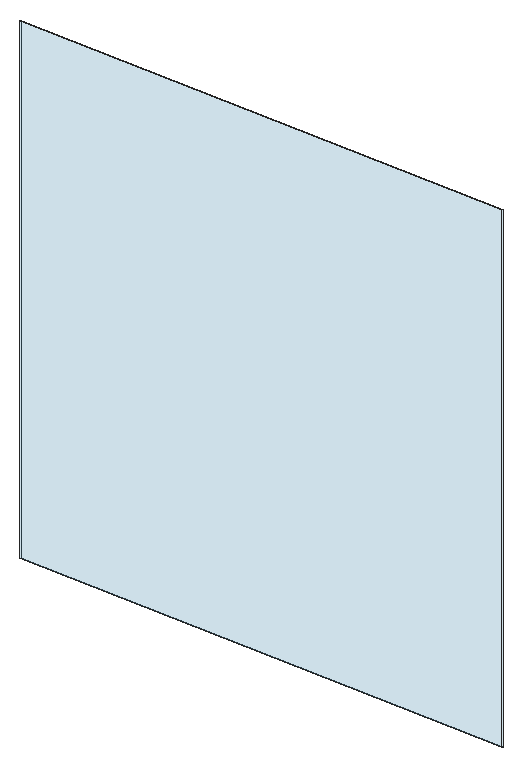
Revit family
Parameters (values of type "72" x 72"")
  Sealant = 0' - 0 3/8"
  Pocket Depth [instance] = 0' - 0 1/2"
  Head Height = Sill Height + Rough Height - Sealant  # 8' - 11 5/8"
  Depth [instance] = 0' - 10"
  Sill Height = 3' - 0"
  Rough Width = 6' - 0"
  Rough Height = 6' - 0"
  Model = "OPG3800"
  Material = ""
  Manufacturer = "Arcadia"
  Sightline = 0' - 2 5/8"
  Height = Rough Height - Sealant - Sealant  # 5' - 11 1/4"
  Wall Closure = (empty or 0)
  Width = Rough Width - Sealant - Sealant  # 5' - 11 1/4"
  Glass Thickness [instance] = 0' - 0 1/4"
  Offset to Inside Face of Glass [instance] = 0' - 9 1/16"
  Construction Type = "Aluminum"
  Center of Rough Opening [instance] = Rough Width / 2  # 3' - 0"
  Center of Glass [instance] = Glass Thickness / 2  # 0' - 0 1/8"
  Center Wall to Outside Face [instance] = 0' - 2 7/8"
  Assembly Code = ""
Reference planes (in)
  plane 1 "Center (Front/Back)": y = 0
  plane 2: z = 0
  plane 3 "Center (Left/Right)": x = 12
  plane 4 "Rough Opening Bottom": z = 36
  plane 5 "Rough Opening Top": z = 108
  plane 6 "Exterior Face": y = 5.75
  plane 7 "Frame Top": z = 105.375
  plane 8 "Frame Bottom": z = 38.625
  plane 9 "Rough Opening Left": x = -24
  plane 10 "Rough Opening Right": x = 48
  plane 11 "Frame Left": x = -21.375
  plane 12 "Frame Right": x = 45.375
  plane 13 "Exterior Glass Edge": y = 4.73644
  plane 14 "Interior Glass Edge": y = 4.48644
  plane 15 "Glass Centerline": y = 4.61144
  plane 16 "Frame Outside": y = 5.42394
  plane 17 "Frame Inside": y = -4.57606
  plane 18: z = 105.875
  plane 19: z = 38.125
  plane 20: x = 45.875
  plane 21: x = -21.875
  plane 22: x = 47.625
  plane 23: x = -23.625
  plane 24: z = 107.625
  plane 25: z = 36.375
Forms (in)
  Extrusion 1, solid, material "Anodize Arcadia AC2 Clear #11", detail levels coarse
    sketch origin (0, 0, 36) x (0, -1, 0) y (1, 0, 0)
      loop
        line (-5.42394, -24) -> (4.57606, -24) -> (4.57606, -21.375) -> (-4.48644, -21.375) -> (-4.48644, -21.875) -> (-4.73644, -21.875) -> (-4.73644, -21.375) -> (-5.42394, -21.375) -> (-5.42394, -24)
    from 0 to 72 <- "Rough Height"
  Extrusion 2, solid, material "Anodize Arcadia AC2 Clear #11", detail levels coarse
    sketch origin (0, 0, 36) x (0, -1, 0) y (1, 0, 0)
      loop
        line (-5.42394, 45.375) -> (-4.73644, 45.375) -> (-4.73644, 45.875) -> (-4.48644, 45.875) -> (-4.48644, 45.375) -> (4.57606, 45.375) -> (4.57606, 48) -> (-5.42394, 48) -> (-5.42394, 45.375)
    from 0 to 72 <- "Rough Height"
  Extrusion 3, solid, material "Glass"
    sketch origin (-0.5, 0, 36) x (0, -1, 0) y (1, 0, 0)
      loop
        line (-4.73644, -21.375) -> (-4.48644, -21.375) -> (-4.48644, 46.375) -> (-4.73644, 46.375) -> (-4.73644, -21.375)
    from 2.125 to 69.875
  Extrusion 4, solid, material "Anodize Arcadia AC2 Clear #11", detail levels coarse
    sketch origin (-24, 0, 0) x (0, 1, 0) y (0, 0, 1)
      loop
        line (-4.57606, 108) -> (-4.57606, 105.375) -> (4.48644, 105.375) -> (4.48644, 105.875) -> (4.73644, 105.875) -> (4.73644, 105.375) -> (5.42394, 105.375) -> (5.42394, 108) -> (-4.57606, 108)
    from 0 to 72 <- "Rough Width"
  Extrusion 5, solid, material "Anodize Arcadia AC2 Clear #11", detail levels coarse
    sketch origin (-24, 0, 0) x (0, 1, 0) y (0, 0, 1)
      loop
        line (5.42394, 38.625) -> (4.73644, 38.625) -> (4.73644, 38.125) -> (4.48644, 38.125) -> (4.48644, 38.625) -> (-4.57606, 38.625) -> (-4.57606, 36) -> (5.42394, 36) -> (5.42394, 38.625)
    from 0 to 72 <- "Rough Width"
  Extrusion 6, void
    sketch origin (0, 0, 36) x (0, -1, 0) y (1, 0, 0)
      loop
        line (-5.75, -24) -> (2.25, -24) -> (2.25, 48) -> (-5.75, 48) -> (-5.75, -24)
    from 0 to 72 <- "Rough Height"
Lines and regions (in)
  symbolic lines, detail levels coarse
    curve 1: line (-24, 5.42394, 0) -> (-21.375, 5.42394, 0)
    curve 2: line (-21.375, 5.42394, 0) -> (-21.375, 4.73644, 0)
    curve 3: line (45.875, 4.73644, 0) -> (-21.875, 4.73644, 0)
    curve 4: line (-21.875, 4.73644, 0) -> (-21.875, 4.48644, 0)
    curve 5: line (-21.875, 4.48644, 0) -> (45.875, 4.48644, 0)
    curve 6: line (-21.375, 4.48644, 0) -> (-21.375, -4.57606, 0)
    curve 7: line (-21.375, -4.57606, 0) -> (-24, -4.57606, 0)
    curve 8: line (-24, -4.57606, 0) -> (-24, 5.42394, 0)
    curve 9: line (48, 5.42394, 0) -> (45.375, 5.42394, 0)
    curve 10: line (45.375, 5.42394, 0) -> (45.375, 4.73644, 0)
    curve 11: line (45.875, 4.73644, 0) -> (45.875, 4.48644, 0)
    curve 12: line (45.375, 4.48644, 0) -> (45.375, -4.57606, 0)
    curve 13: line (45.375, -4.57606, 0) -> (48, -4.57606, 0)
    curve 14: line (48, -4.57606, 0) -> (48, 5.42394, 0)
Text (in)
  text "EXTERIOR" at (-58.6888, 50.90694, 0), in view "Ref. Level"
  text "INTERIOR" at (-58.6888, -37.76638, 0), in view "Ref. Level"
  text "Exterior" at (0, 43.65631, 123.19604), in view "Left"
  text "Exterior" at (0, 18.29385, 125.04747), in view "Right"
Dimensions and locks (in)
  "Rough Height": plane 4 "Rough Opening Bottom" to plane 5 "Rough Opening Top"
  "Sill Height": plane 2 to plane 4 "Rough Opening Bottom"
  "Sightline": plane 7 "Frame Top" to plane 5 "Rough Opening Top"
  "Sightline": plane 4 "Rough Opening Bottom" to plane 8 "Frame Bottom"
  "Rough Width": plane 9 "Rough Opening Left" to plane 10 "Rough Opening Right"
  "Sightline": plane 9 "Rough Opening Left" to plane 11 "Frame Left"
  "Sightline": plane 12 "Frame Right" to plane 10 "Rough Opening Right"
  "Depth": plane 17 "Frame Inside" to plane 16 "Frame Outside"
  "Glass Thickness": plane 13 "Exterior Glass Edge" to plane 14 "Interior Glass Edge"
  "Center of Glass": plane 15 "Glass Centerline" to plane 14 "Interior Glass Edge"
  "Center of Rough Opening": plane 9 "Rough Opening Left" to plane 3 "Center (Left/Right)"
  "Offset to Inside Face of Glass": plane 17 "Frame Inside" to plane 14 "Interior Glass Edge"
  "Pocket Depth": plane 12 "Frame Right" to plane 20
  "Pocket Depth": plane 21 to plane 11 "Frame Left"
  "Pocket Depth": plane 7 "Frame Top" to plane 18
  "Pocket Depth": plane 19 to plane 8 "Frame Bottom"
  "Sealant": plane 22 to plane 10 "Rough Opening Right"
  "Sealant": plane 9 "Rough Opening Left" to plane 23
  "Sealant": plane 24 to plane 5 "Rough Opening Top"
  "Sealant": plane 4 "Rough Opening Bottom" to plane 25
  aligned and locked: plane 6 "Exterior Face" to host wall
  aligned and locked: Extrusion 1 sketch curve to plane 17 "Frame Inside"
  aligned and locked: plane 16 "Frame Outside" to Extrusion 1 sketch curve
  aligned and locked: Extrusion 1 sketch curve to plane 11 "Frame Left"
  aligned and locked: plane 9 "Rough Opening Left" to Extrusion 1 sketch curve
  aligned and locked: plane 12 "Frame Right" to Extrusion 2 sketch curve
  aligned and locked: Extrusion 2 sketch curve to plane 10 "Rough Opening Right"
  aligned and locked: Extrusion 2 sketch curve to plane 17 "Frame Inside"
  aligned and locked: plane 16 "Frame Outside" to Extrusion 2 sketch curve
  aligned and locked: Extrusion 3 sketch curve to plane 13 "Exterior Glass Edge"
  aligned and locked: plane 14 "Interior Glass Edge" to Extrusion 3 sketch curve
  aligned and locked: plane 5 "Rough Opening Top" to Extrusion 4 sketch curve
  aligned and locked: Extrusion 4 sketch curve to plane 7 "Frame Top"
  aligned and locked: Extrusion 4 sketch curve to plane 17 "Frame Inside"
  aligned and locked: plane 16 "Frame Outside" to Extrusion 4 sketch curve
  aligned and locked: Extrusion 5 sketch curve to plane 4 "Rough Opening Bottom"
  aligned and locked: plane 8 "Frame Bottom" to Extrusion 5 sketch curve
  aligned and locked: Extrusion 5 sketch curve to plane 17 "Frame Inside"
  aligned and locked: plane 16 "Frame Outside" to Extrusion 5 sketch curve
  aligned and locked: plane 4 "Rough Opening Bottom" to nested 3
  aligned and locked: nested 2 to plane 5 "Rough Opening Top"
  aligned and locked: plane 19 to Extrusion 3
  aligned and locked: Extrusion 3 to plane 18
  aligned and locked: plane 17 "Frame Inside" to nested 3
  aligned and locked: nested 1 to plane 16 "Frame Outside"
  aligned and locked: plane 10 "Rough Opening Right" to nested 1
  aligned and locked: nested 4 to plane 9 "Rough Opening Left"
  aligned and locked: plane 17 "Frame Inside" to nested 4
  aligned and locked: plane 13 "Exterior Glass Edge" to Extrusion 5 sketch curve
  aligned and locked: Extrusion 5 sketch curve to plane 14 "Interior Glass Edge"
  aligned and locked: plane 19 to Extrusion 5 sketch curve
  aligned and locked: Extrusion 4 sketch curve to plane 13 "Exterior Glass Edge"
  aligned and locked: plane 18 to Extrusion 4 sketch curve
  aligned and locked: plane 14 "Interior Glass Edge" to Extrusion 4 sketch curve
  aligned and locked: plane 14 "Interior Glass Edge" to Extrusion 2 sketch curve
  aligned and locked: Extrusion 2 sketch curve to plane 20
  aligned and locked: Extrusion 2 sketch curve to plane 13 "Exterior Glass Edge"
  aligned and locked: Extrusion 1 sketch curve to plane 14 "Interior Glass Edge"
  aligned and locked: Extrusion 1 sketch curve to plane 21
  aligned and locked: plane 13 "Exterior Glass Edge" to Extrusion 1 sketch curve
  aligned and locked: plane 16 "Frame Outside" to curve 1
  aligned and locked: plane 9 "Rough Opening Left" to curve 8
  aligned and locked: curve 2 to plane 11 "Frame Left"
  aligned and locked: curve 6 to plane 11 "Frame Left"
  aligned and locked: curve 4 to plane 21
  aligned and locked: curve 7 to plane 17 "Frame Inside"
  aligned and locked: curve 5 to plane 14 "Interior Glass Edge"
  aligned and locked: plane 13 "Exterior Glass Edge" to curve 3
  aligned and locked: curve 10 to plane 12 "Frame Right"
  aligned and locked: curve 12 to plane 12 "Frame Right"
  aligned and locked: curve 11 to plane 20
  aligned and locked: plane 10 "Rough Opening Right" to curve 14
  aligned and locked: curve 9 to plane 16 "Frame Outside"
  aligned and locked: plane 17 "Frame Inside" to curve 13
  aligned and locked: plane 9 "Rough Opening Left" to import instance
  aligned and locked: import instance to plane 16 "Frame Outside"  (x2)
  aligned and locked: plane 10 "Rough Opening Right" to import instance
  aligned and locked: plane 16 "Frame Outside" to import instance
  aligned and locked: nested 2 to plane 16 "Frame Outside"
  aligned and locked: import instance to plane 5 "Rough Opening Top"
  aligned and locked: import instance to plane 17 "Frame Inside"
  aligned and locked: import instance to plane 4 "Rough Opening Bottom"
  aligned and locked: level to plane 2
  aligned and locked: plane 9 "Rough Opening Left" to Extrusion 6 sketch curve
  aligned and locked: plane 6 "Exterior Face" to Extrusion 6 sketch curve
  aligned and locked: host wall to Extrusion 6 sketch curve
  aligned and locked: plane 10 "Rough Opening Right" to Extrusion 6 sketch curve
Automatic sketch dimensions
  Extrusion 3 sketch curve to plane 21 = 0' - 0"
  Extrusion 3 sketch curve to plane 20 = 0' - 0"
  Extrusion 5 sketch curve to plane 8 "Frame Bottom" = 0' - 0"
  Extrusion 4 sketch curve to plane 7 "Frame Top" = 0' - 0"
  Extrusion 2 sketch curve to plane 12 "Frame Right" = 0' - 0"
  Extrusion 1 sketch curve to plane 11 "Frame Left" = 0' - 0"
Nested families (in)
  nested 1: "Window-Arcadia-OPG3800-Med-Jamb-R" at (46.9375, 4.61144, 0) x (-1, 0, 0) z (0, 0, 1), type "Window-Arcadia-OPG3800-Med-Jamb-R", detail levels medium
    with Sightline 0' - 2 5/8", Pocket Depth 0' - 0 1/2", Offset to Inside Face of Glass 0' - 9 1/16", Glass Width 0' - 0 1/4", Frame Wall Thickness 0' - 0 3/32", Depth 0' - 10", Center of Glass 0' - 0 1/8"
  nested 2: "Window-Arcadia-OPG3800-Med-Head" at (33.875, 4.61144, 108) x (0, -1, 0) z (1, 0, 0), type "Window-Arcadia-OPG3800-Med-Head", detail levels medium
    with Sightline 0' - 2 5/8", Pocket Depth 0' - 0 1/2", Offset to Inside Face of Glass 0' - 9 1/16", Glass Width 0' - 0 1/4", Frame Wall Thickness 0' - 0 3/32", Depth 0' - 10", Center of Glass 0' - 0 1/8"
  nested 3: "Window-Arcadia-OPG3800-Med-Sill" at (33.875, 4.61144, 36) x (0, -1, 0) z (1, 0, 0), type "Window-Arcadia-OPG3800-Med-Sill", detail levels medium
    with Sightline 0' - 2 5/8", Pocket Depth 0' - 0 1/2", Offset to Inside Face of Glass 0' - 9 1/16", Glass Width 0' - 0 1/4", Frame Wall Thickness 0' - 0 3/32", Depth 0' - 10", Center of Glass 0' - 0 1/8"
  nested 4: "Window-Arcadia-OPG3800-Med-Jamb-L" at (-22.9375, 4.61144, 0) x (-1, 0, 0) z (0, 0, 1), type "Window-Arcadia-OPG3800-Med-Jamb-L", detail levels medium
    with Sightline 0' - 2 5/8", Pocket Depth 0' - 0 1/2", Offset to Inside Face of Glass 0' - 9 1/16", Glass Width 0' - 0 1/4", Frame Wall Thickness 0' - 0 3/32", Depth 0' - 10", Center of Glass 0' - 0 1/8"
Definition of nested family "Window-Arcadia-OPG3800-Med-Jamb-R"
  Parameters (values of type "Window-Arcadia-TC670-Med-Jamb-R")
    Depth [instance] = 0' - 6"
    Pocket Depth [instance] = 0' - 0 3/4"
    Offset to Inside Face of Glass [instance] = 0' - 4"
    Glass Width [instance] = 0' - 1"
    Sightline [instance] = 0' - 2 5/8"
    Center of Glass [instance] = Glass Width / 2  # 0' - 0 1/2"
    Frame Wall Thickness [instance] = 0' - 0 3/32"
    Assembly Code = ""
  Reference planes (in)
    plane 1 "Center (Front/Back)": y = 0
    plane 2: z = 0
    plane 3: x = 1.5625
    plane 4 "back": x = -1.0625
    plane 5: y = 4.5
    plane 6: y = -1.5
    plane 7 "Inside Face of Glass": y = 0.5
    plane 8: y = -0.5
    plane 9: x = 0.8125
  Lines and regions (in)
    detail lines, in view "Ref. Level", detail levels medium
      curve 1: line (-1.0625, 4.5, 0) -> (-1.0625, -1.5, 0)
      curve 2: line (-1.0625, -1.5, 0) -> (1.5625, -1.5, 0)
      curve 3: line (1.5625, -1.5, 0) -> (1.5625, -0.5, 0)
      curve 4: line (1.5625, -0.5, 0) -> (0.8125, -0.5, 0)
      curve 5: line (0.8125, -0.5, 0) -> (0.8125, 0.5, 0)
      curve 6: line (0.8125, 0.5, 0) -> (1.5625, 0.5, 0)
      curve 7: line (1.5625, 0.5, 0) -> (1.5625, 4.5, 0)
      curve 8: line (1.5625, 4.5, 0) -> (-1.0625, 4.5, 0)
      curve 9: line (1.46875, 4.40625, 0) -> (-0.96875, 4.40625, 0)
      curve 10: line (-0.96875, 4.40625, 0) -> (-0.96875, -1.40625, 0)
      curve 11: line (-0.96875, -1.40625, 0) -> (1.46875, -1.40625, 0)
      curve 12: line (1.46875, -1.40625, 0) -> (1.46875, -0.59375, 0)
      curve 13: line (1.46875, -0.59375, 0) -> (0.71875, -0.59375, 0)
      curve 14: line (0.71875, -0.59375, 0) -> (0.71875, 0.59375, 0)
      curve 15: line (0.71875, 0.59375, 0) -> (1.46875, 0.59375, 0)
      curve 16: line (1.46875, 0.59375, 0) -> (1.46875, 4.40625, 0)
      curve 17: line (1.5625, 4.5, 0) -> (-1.0625, 4.5, 0)
      curve 18: line (-1.0625, 4.40625, 0) -> (-1.0625, -1.5, 0)
  Dimensions and locks (in)
    "Sightline": plane 4 "back" to plane 3
    "Depth": plane 5 to plane 6
    "Center of Glass": plane 1 "Center (Front/Back)" to plane 7 "Inside Face of Glass"
    "Glass Width": plane 8 to plane 7 "Inside Face of Glass"
    "Pocket Depth": plane 9 to plane 3
    "Offset to Inside Face of Glass": plane 5 to plane 7 "Inside Face of Glass"
    "Frame Wall Thickness": plane 5 to curve 9
    "Frame Wall Thickness": plane 4 "back" to curve 10
    "Frame Wall Thickness": curve 11 to plane 6
    "Frame Wall Thickness": curve 12 to plane 3
    "Frame Wall Thickness": curve 13 to plane 8
    "Frame Wall Thickness": plane 7 "Inside Face of Glass" to curve 15
    "Frame Wall Thickness": curve 14 to plane 9
    "Frame Wall Thickness": curve 16 to plane 3
    aligned and locked: plane 5 to curve 8
    aligned and locked: curve 1 to plane 4 "back"
    aligned and locked: curve 2 to plane 6
    aligned and locked: plane 3 to curve 3
    aligned and locked: curve 4 to plane 8
    aligned and locked: plane 9 to curve 5
    aligned and locked: plane 7 "Inside Face of Glass" to curve 6
    aligned and locked: plane 3 to curve 7
  Automatic sketch dimensions
    curve 18 to curve 9 = 0' - 0"
Definition of nested family "Window-Arcadia-OPG3800-Med-Head"
  Parameters (values of type "Window-Arcadia-A400-Med-Head")
    Depth [instance] = 0' - 6"
    Pocket Depth [instance] = 0' - 0 1/2"
    Offset to Inside Face of Glass [instance] = 0' - 4"
    Glass Width [instance] = 0' - 1"
    Sightline [instance] = 0' - 2 5/8"
    Center of Glass [instance] = Glass Width / 2  # 0' - 0 1/2"
    Frame Wall Thickness [instance] = 0' - 0 3/32"
    Assembly Code = ""
  Reference planes (in)
    plane 1 "Center (Front/Back)": y = 0
    plane 2: z = 0
    plane 3 "Center (Left/Right)": x = 0
    plane 4: x = -0.5
    plane 5 "Inside Face of Glass": x = 0.5
    plane 6: y = -2.625
    plane 7: x = 4.5
    plane 8: x = -1.5
    plane 9: y = -2.125
  Lines and regions (in)
    detail lines, in view "Ref. Level", detail levels medium
      curve 1: line (-1.5, 0, 0) -> (-1.5, -2.625, 0)
      curve 2: line (-1.5, -2.625, 0) -> (-0.5, -2.625, 0)
      curve 3: line (-0.5, -2.625, 0) -> (-0.5, -2.125, 0)
      curve 4: line (-0.5, -2.125, 0) -> (0.5, -2.125, 0)
      curve 5: line (0.5, -2.125, 0) -> (0.5, -2.625, 0)
      curve 6: line (0.5, -2.625, 0) -> (4.5, -2.625, 0)
      curve 7: line (4.5, -2.625, 0) -> (4.5, 0, 0)
      curve 8: line (4.5, 0, 0) -> (-1.5, 0, 0)
      curve 9: line (-1.40625, -0.09375, 0) -> (-1.40625, -2.53125, 0)
      curve 10: line (4.40625, -0.09375, 0) -> (-1.40625, -0.09375, 0)
      curve 11: line (4.40625, -2.53125, 0) -> (4.40625, -0.09375, 0)
      curve 12: line (0.59375, -2.53125, 0) -> (4.40625, -2.53125, 0)
      curve 13: line (-1.40625, -2.53125, 0) -> (-0.59375, -2.53125, 0)
      curve 14: line (-0.59375, -2.53125, 0) -> (-0.59375, -2.03125, 0)
      curve 15: line (-0.59375, -2.03125, 0) -> (0.59375, -2.03125, 0)
      curve 16: line (0.59375, -2.03125, 0) -> (0.59375, -2.53125, 0)
  Dimensions and locks (in)
    "Sightline": plane 6 to plane 1 "Center (Front/Back)"
    "Depth": plane 8 to plane 7
    "Pocket Depth": plane 6 to plane 9
    "Offset to Inside Face of Glass": plane 5 "Inside Face of Glass" to plane 7
    "Glass Width": plane 4 to plane 5 "Inside Face of Glass"
    "Center of Glass": plane 3 "Center (Left/Right)" to plane 5 "Inside Face of Glass"
    "Frame Wall Thickness": plane 8 to curve 9
    "Frame Wall Thickness": curve 10 to plane 1 "Center (Front/Back)"
    "Frame Wall Thickness": curve 11 to plane 7
    "Frame Wall Thickness": plane 6 to curve 12
    "Frame Wall Thickness": plane 6 to curve 13
    "Frame Wall Thickness": plane 9 to curve 15
    "Frame Wall Thickness": plane 5 "Inside Face of Glass" to curve 16
    "Frame Wall Thickness": curve 14 to plane 4
    aligned and locked: curve 8 to plane 1 "Center (Front/Back)"
    aligned and locked: plane 7 to curve 7
    aligned and locked: curve 1 to plane 8
    aligned and locked: plane 9 to curve 4
    aligned and locked: plane 4 to curve 3
    aligned and locked: plane 6 to curve 2
    aligned and locked: plane 6 to curve 6
  Automatic sketch dimensions
    curve 5 to plane 5 "Inside Face of Glass" = 0' - 0"
Definition of nested family "Window-Arcadia-OPG3800-Med-Sill"
  Parameters (values of type "Window-Arcadia-A400-Med-Sill")
    Depth [instance] = 0' - 6"
    Pocket Depth [instance] = 0' - 0 1/2"
    Offset to Inside Face of Glass [instance] = 0' - 4"
    Glass Width [instance] = 0' - 1"
    Sightline [instance] = 0' - 2 5/8"
    Center of Glass [instance] = Glass Width / 2  # 0' - 0 1/2"
    Frame Wall Thickness [instance] = 0' - 0 3/32"
    Assembly Code = ""
  Reference planes (in)
    plane 1 "Center (Front/Back)": y = 0
    plane 2: z = 0
    plane 3 "Center (Left/Right)": x = 0
    plane 4: x = -0.5
    plane 5 "Inside Face of Glass": x = 0.5
    plane 6: y = 2.625
    plane 7: x = 4.5
    plane 8: x = -1.5
    plane 9: y = 2.125
  Lines and regions (in)
    detail lines, in view "Ref. Level", detail levels medium
      curve 1: line (-1.5, 2.625, 0) -> (-1.5, 0, 0)
      curve 2: line (-1.5, 0, 0) -> (4.5, 0, 0)
      curve 3: line (4.5, 0, 0) -> (4.5, 2.625, 0)
      curve 4: line (4.5, 2.625, 0) -> (0.5, 2.625, 0)
      curve 5: line (0.5, 2.625, 0) -> (0.5, 2.125, 0)
      curve 6: line (0.5, 2.125, 0) -> (-0.5, 2.125, 0)
      curve 7: line (-0.5, 2.125, 0) -> (-0.5, 2.625, 0)
      curve 8: line (-0.5, 2.625, 0) -> (-1.5, 2.625, 0)
      curve 9: line (-0.59375, 2.53125, 0) -> (-1.40625, 2.53125, 0)
      curve 10: line (-1.40625, 2.53125, 0) -> (-1.40625, 0.09375, 0)
      curve 11: line (-1.40625, 0.09375, 0) -> (4.40625, 0.09375, 0)
      curve 12: line (4.40625, 0.09375, 0) -> (4.40625, 2.53125, 0)
      curve 13: line (4.40625, 2.53125, 0) -> (0.59375, 2.53125, 0)
      curve 14: line (0.59375, 2.53125, 0) -> (0.59375, 2.03125, 0)
      curve 15: line (0.59375, 2.03125, 0) -> (-0.59375, 2.03125, 0)
      curve 16: line (-0.59375, 2.03125, 0) -> (-0.59375, 2.53125, 0)
  Dimensions and locks (in)
    "Pocket Depth": plane 9 to plane 6
    "Sightline": plane 1 "Center (Front/Back)" to plane 6
    "Depth": plane 8 to plane 7
    "Offset to Inside Face of Glass": plane 5 "Inside Face of Glass" to plane 7
    "Glass Width": plane 4 to plane 5 "Inside Face of Glass"
    "Center of Glass": plane 3 "Center (Left/Right)" to plane 5 "Inside Face of Glass"
    "Frame Wall Thickness": curve 9 to plane 6
    "Frame Wall Thickness": plane 8 to curve 10
    "Frame Wall Thickness": plane 1 "Center (Front/Back)" to curve 11
    "Frame Wall Thickness": curve 12 to plane 7
    "Frame Wall Thickness": curve 13 to plane 6
    "Frame Wall Thickness": plane 5 "Inside Face of Glass" to curve 14
    "Frame Wall Thickness": curve 15 to plane 9
    "Frame Wall Thickness": curve 16 to plane 4
    aligned and locked: plane 1 "Center (Front/Back)" to curve 2
    aligned and locked: plane 7 to curve 3
    aligned and locked: curve 1 to plane 8
    aligned and locked: curve 8 to plane 6
    aligned and locked: curve 4 to plane 6
    aligned and locked: curve 6 to plane 9
    aligned and locked: curve 5 to plane 5 "Inside Face of Glass"
    aligned and locked: plane 4 to curve 7
  Automatic sketch dimensions
    curve 7 to plane 9 = 0' - 0"
Definition of nested family "Window-Arcadia-OPG3800-Med-Jamb-L"
  Parameters (values of type "Window-Arcadia-TC670-Med-Jamb-L")
    Depth [instance] = 0' - 6"
    Pocket Depth [instance] = 0' - 0 1/2"
    Offset to Inside Face of Glass [instance] = 0' - 4"
    Glass Width [instance] = 0' - 1"
    Sightline [instance] = 0' - 2 1/8"
    Center of Glass [instance] = Glass Width / 2  # 0' - 0 1/2"
    Frame Wall Thickness [instance] = 0' - 0 3/32"
    Assembly Code = ""
  Reference planes (in)
    plane 1 "Center (Front/Back)": y = 0
    plane 2: z = 0
    plane 3 "BACK": x = 1.0625
    plane 4 "FRONT": x = -1.0625
    plane 5: y = 1.5
    plane 6: y = -4.5
    plane 7 "Inside Face of Glass": y = 0.5
    plane 8: y = -0.5
    plane 9: x = -0.5625
  Lines and regions (in)
    detail lines, in view "Ref. Level", detail levels medium
      curve 1: line (1.0625, 1.5, 0) -> (1.0625, -4.5, 0)
      curve 2: line (1.0625, -4.5, 0) -> (-1.0625, -4.5, 0)
      curve 3: line (-1.0625, -4.5, 0) -> (-1.0625, -0.5, 0)
      curve 4: line (-1.0625, -0.5, 0) -> (-0.5625, -0.5, 0)
      curve 5: line (-0.5625, -0.5, 0) -> (-0.5625, 0.5, 0)
      curve 6: line (-0.5625, 0.5, 0) -> (-1.0625, 0.5, 0)
      curve 7: line (-1.0625, 0.5, 0) -> (-1.0625, 1.5, 0)
      curve 8: line (-1.0625, 1.5, 0) -> (1.0625, 1.5, 0)
      curve 9: line (-0.96875, 1.40625, 0) -> (0.96875, 1.40625, 0)
      curve 10: line (-0.96875, 0.59375, 0) -> (-0.96875, 1.40625, 0)
      curve 11: line (-0.46875, 0.59375, 0) -> (-0.96875, 0.59375, 0)
      curve 12: line (-0.46875, -0.59375, 0) -> (-0.46875, 0.59375, 0)
      curve 13: line (-0.96875, -0.59375, 0) -> (-0.46875, -0.59375, 0)
      curve 14: line (-0.96875, -4.40625, 0) -> (-0.96875, -0.59375, 0)
      curve 15: line (0.96875, -4.40625, 0) -> (-0.96875, -4.40625, 0)
      curve 16: line (0.96875, 1.40625, 0) -> (0.96875, -4.40625, 0)
  Dimensions and locks (in)
    "Depth": plane 5 to plane 6
    "Pocket Depth": plane 4 "FRONT" to plane 9
    "Sightline": plane 4 "FRONT" to plane 3 "BACK"
    "Glass Width": plane 8 to plane 7 "Inside Face of Glass"
    "Center of Glass": plane 1 "Center (Front/Back)" to plane 7 "Inside Face of Glass"
    "Frame Wall Thickness": plane 4 "FRONT" to curve 10
    "Frame Wall Thickness": plane 5 to curve 9
    "Frame Wall Thickness": curve 15 to plane 6
    "Frame Wall Thickness": curve 13 to plane 8
    "Frame Wall Thickness": plane 9 to curve 12
    "Frame Wall Thickness": plane 7 "Inside Face of Glass" to curve 11
    "Frame Wall Thickness": plane 4 "FRONT" to curve 14
    "Offset to Inside Face of Glass": plane 6 to plane 8
    aligned and locked: curve 8 to plane 5
    aligned and locked: curve 1 to plane 3 "BACK"
    aligned and locked: plane 6 to curve 2
    aligned and locked: curve 3 to plane 4 "FRONT"
    aligned and locked: plane 8 to curve 4
    aligned and locked: plane 9 to curve 5
    aligned and locked: curve 6 to plane 7 "Inside Face of Glass"
    aligned and locked: plane 4 "FRONT" to curve 7
  Automatic sketch dimensions
    curve 16 to plane 3 "BACK" = 0' - 0 3/32"
